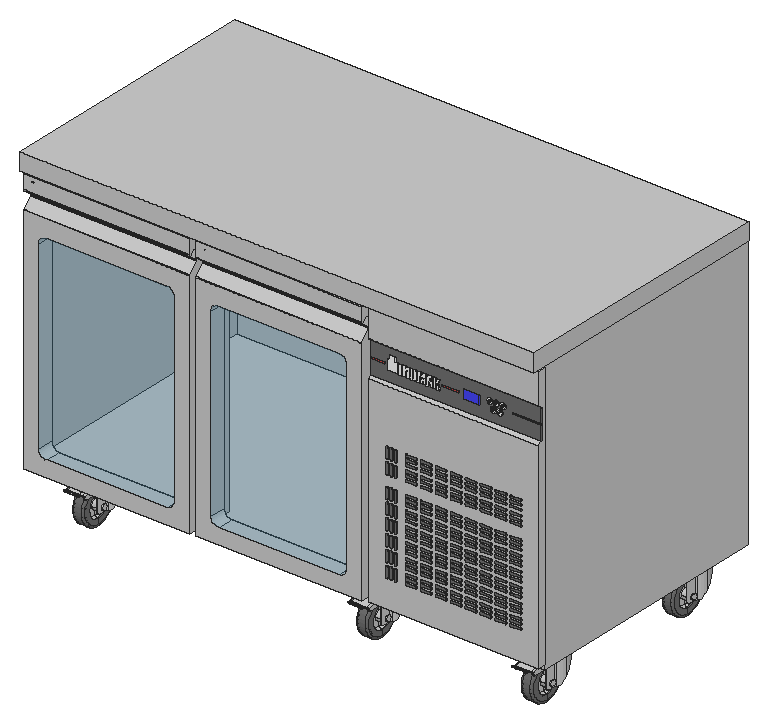
Revit family "QF_INOMAK_PNRP99_GL_250528080251", category Specialty Equipment, Revit 2021 (continued)
Definition of nested family "QF_INOMAK_REF_COUNTERS_WORKTOPS_14545"
  Definition of nested family "Worktop"
    Lines and regions (mm)
      reference lines
        curve 19: line (600, 0, 860) -> (600, -700, 860)
    Dimensions and locks
      "Length Actual": plane 3 "Left" to plane 4 "Right"
      "Depth Actual": plane 5 "Front" to plane 1 "Back"
      "Backsplash thickness": plane 7 "Backsplash thickness" to plane 1 "Back"
      "Worktop thickness": plane 6 "Top" to plane 8 "Worktop bottom"
      "Backsplash height": plane 9 "Upright height" to plane 6 "Top"
      "Backsplash height": curve 14 to plane 6 "Top"
      "Depth Actual": curve 15 to plane 1 "Back"
      "Length Actual": plane 3 "Left" to curve 16
      "Length Actual": curve 17 to plane 4 "Right"
      "Depth Actual": curve 18 to plane 5 "Front"
      equal spacing: plane 3 "Left", plane 10 "Center Left Right", plane 4 "Right"
      "Height AFF": plane 8 "Worktop bottom" to plane 2
      "Height AFF": curve 19 to plane 2
      aligned and locked: level to plane 2
      aligned and locked: Extrusion 1 to plane 4 "Right"
      aligned and locked: Extrusion 1 sketch curve to plane 7 "Backsplash thickness"
      aligned and locked: curve 5 to plane 7 "Backsplash thickness"
      aligned and locked: Extrusion 1 sketch curve to plane 8 "Worktop bottom"
      aligned and locked: plane 9 "Upright height" to Extrusion 1 sketch curve
      aligned and locked: plane 6 "Top" to Extrusion 1 sketch curve
      aligned and locked: plane 6 "Top" to Extrusion 2 sketch curve
      aligned and locked: Extrusion 2 sketch curve to plane 1 "Back"
      aligned and locked: Extrusion 2 sketch curve to plane 8 "Worktop bottom"
      aligned and locked: Extrusion 2 sketch curve to plane 5 "Front"
      aligned and locked: Extrusion 2 to plane 4 "Right"
      aligned and locked: Masking region 1 sketch curve to Extrusion 1  (x4)
      aligned and locked: Masking region 2 sketch curve to Extrusion 1  (x4)
    Automatic sketch dimensions
      plane 1 "Back" to curve 1 = 0 mm
      curve 13 to plane 3 "Left" = 0 mm
      curve 7 to plane 4 "Right" = 0 mm
      curve 13 to plane 5 "Front" = 0 mm
      Extrusion 1 sketch curve to plane 1 "Back" = 0 mm
      Extrusion 1 sketch curve to plane 5 "Front" = 0 mm
      curve 19 to plane 1 "Back" = 0 mm
      curve 14 to plane 1 "Back" = 0 mm
      curve 14 to plane 7 "Backsplash thickness" = 0 mm
      curve 19 to plane 5 "Front" = 0 mm
      curve 16 to plane 5 "Front" = 0 mm
      curve 17 to plane 5 "Front" = 0 mm
      plane 1 "Back" to curve 17 = 0 mm
      plane 1 "Back" to curve 16 = 0 mm
      curve 15 to plane 4 "Right" = 0 mm
      curve 18 to plane 4 "Right" = 0 mm
      curve 18 to plane 3 "Left" = 0 mm
      curve 15 to plane 3 "Left" = 0 mm
Definition of nested family "CONN_POINT_DRAIN_2D___Generic_Annotation"
  Parameters (values of type "CONN_POINT_DRAIN_2D___Generic_Annotation")
    Onboard connection annotation symbol visibility [instance] = yes
  Reference planes
    plane 1: y = 0
    plane 2: x = 0
  Lines and regions (mm)
    detail lines, visible <- "Onboard connection annotation symbol visibility"
      curve 1: circle (0, 0, 0) r 0.5 normal (0, 0, 1)
      curve 2: line (-1, 0, 0) -> (1, 0, 0)
      curve 3: line (0, 1, 0) -> (0, -1, 0)
      curve 4: line (1.776, 1, 0) -> (1.25, 1, 0)
      curve 5: line (1.25, 1, 0) -> (1.25, -1, 0)
      curve 6: line (1.25, -1, 0) -> (1.776, -1, 0)
      curve 7: arc (2.206, -0.862, 0) -> (2.459, -0.589, 0) -> (2.583, -0.238, 0) r 0.918
      curve 8: arc (2.583, 0.238, 0) -> (2.459, 0.589, 0) -> (2.206, 0.862, 0) r 0.918
      curve 9: arc (2.583, -0.238, 0) -> (2.599, 0, 0) -> (2.583, 0.238, 0) r 1.77
      curve 10: arc (2.206, 0.862, 0) -> (2.002, 0.965, 0) -> (1.776, 1, 0) r 0.741
      curve 11: arc (1.776, -1, 0) -> (2.002, -0.965, 0) -> (2.206, -0.862, 0) r 0.741
Definition of nested family "CONN_POINT_ELE_2D___Generic_Annotation"
  Parameters (values of type "CONN_POINT_ELE_2D___Generic_Annotation")
    Onboard connection annotation symbol visibility [instance] = yes
  Reference planes
    plane 1: y = 0
    plane 2: x = 0
  Lines and regions (mm)
    detail lines, visible <- "Onboard connection annotation symbol visibility"
      curve 1: circle (0, 0, 0) r 0.5 normal (0, 0, 1)
      curve 2: line (-1, 0, 0) -> (1, 0, 0)
      curve 3: line (0, 1, 0) -> (0, -1, 0)
      curve 4: line (2.5, 1, 0) -> (1.25, 1, 0)
      curve 5: line (1.25, 1, 0) -> (1.25, -1, 0)
      curve 6: line (1.25, -1, 0) -> (2.5, -1, 0)
      curve 7: line (1.25, 0, 0) -> (2, 0, 0)
